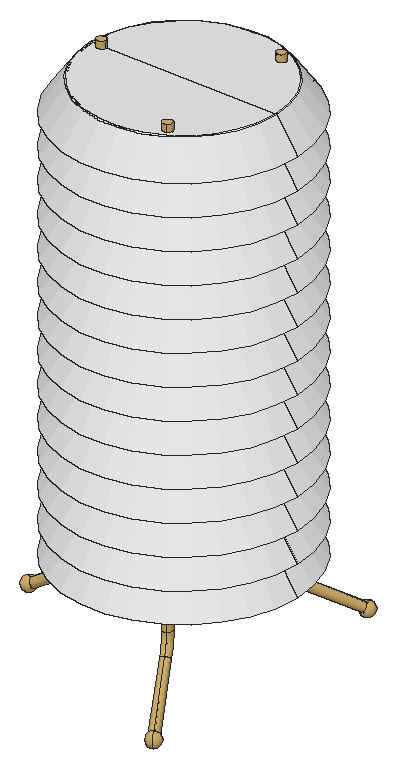
Revit family "Indoor_Table Lamp_Santa&Cole_Maija 15", category Luminarias, Revit 2018
Family settings
  Cota de conector redondo = Diámetro de uso
  Tipo de pieza = Normal
  Número OmniClass = 23.80.70.00
  Título OmniClass = Lighting
  Se basa en plano de trabajo = No
  Siempre vertical = Sí
  Corte con vacíos al cargar = No
  Origen de luz = Sí
  Compartido = No
  Punto de cálculo de habitación = No
Parameters (values of type "Maija 15 - White Matte Lampshade")
  Tilt Angle = 0.00°  # constant formula
  Wattage = 2.32931 W
  Technical Information = "https://www.santacole.com/recursos/productos/downloads/pdf_espec_tecnicas/SC_Maija-table%20lamp_data%20sheet.pdf"
  built-in parameter 1150110 = 1 (stored number, unit not read)
  URL = "https://www.santacole.com/en/catalogue/table-lamps/maija"
  Manufacturer website = "http://www.santacole.com"
  Lampshade Material = Santa&Cole - White Matte Finish
  built-in parameter 1114217 = 1 (stored number, unit not read)
  built-in parameter 1150109 = 1 (stored number, unit not read)
  Energy Label = "https://www.santacole.com/recursos/productos/downloads/pdf_energy_label/Energy%20Label_MAIJA_LED_no%20changed.pdf"
  Designed by = "Ilmari Tapiovaara. 1955"
  Contact phone = "+34.938.619.100"
  Contact e-mail = "info@santacole.com"
  built-in parameter 1150134 = (empty or 0)
  built-in parameter 1150113 = 1 (stored number, unit not read)
  Modelo = "Maija"
  Fabricante = "Santa & Cole"
  Lumens = 346 lm
  built-in parameter 1150115 = 1 (stored number, unit not read)
  built-in parameter 1150105 = 69.92 (stored number, unit not read)
  Load = 12 W
  built-in parameter 1150137 = (empty or 0)
  built-in parameter 1150139 = (empty or 0)
  built-in parameter 1150112 = 1 (stored number, unit not read)
  built-in parameter 1150114 = 1 (stored number, unit not read)
  Lamp = ""
  built-in parameter 1150132 = 2
  built-in parameter 1150102 = (empty or 0)
  built-in parameter 1150138 = (empty or 0)
  built-in parameter 1150107 = 2700 (stored number, unit not read)
  built-in parameter 1150106 = 0.6992 (stored number, unit not read)
  built-in parameter 1150104 = 13.8 (stored number, unit not read)
  Code = "MAI11L/MAI114L"
  Dimming Lamp Color Temperature Shift = (empty or 0)
  Color Filter = 16777215
  built-in parameter 1114218 = 1 (stored number, unit not read)
  Assembly instructions - UL = "https://www.santacole.com/recursos/productos/downloads/pdf_montaje/Maija%2015%20Table%20lamp_im_UL.pdf"
  Assembly instructions - CE = "https://www.santacole.com/recursos/productos/downloads/pdf_montaje/Maija%2015%20Table%20lamp_im_CE.pdf"
  Archivo de red fotométrica = "MAI11L.IES"
  built-in parameter 1150133 = 10 (stored number, unit not read)
  Apparent Load = 12 VA
Types (2, lengths in mm): name | Lampshade Material
  Maija 15 - White Matte Lampshade | Santa&Cole - White Matte Finish
  Maija 15 - Nude Rose Lampshade | Santa&Cole - Rose Matte Finish
Reference planes
  plane 1 "Light Source Axis (F/B)": y = 0
  plane 2: z = 0
  plane 3 "Light Source Axis (L/R)": x = 0
  plane 4 "Light Source Elevation": z = 267.246
Forms (mm)
  Revolve 1, solid, material "Santa & Cole - Matte Brass"
    sketch origin (0, 0, 0) x (1, 0, 0) y (0, 0, 1)
      loop
        line (-48.5, 75.246) -> (-48.5, 77.246) -> (-59.5, 77.246) -> (-59.5, 75.246) -> (-48.5, 75.246)
      axis (0, 75.246) -> (0, 77.246)
    angle from 0 to 360
  Revolve 2, solid, material "Santa&Cole - White Matte Finish" <- "Lampshade Material"
    sketch origin (0, 0, 0) x (1, 0, 0) y (0, 0, 1)
      loop
        line (-75, 317.646) -> (-74.023, 317.646) -> (-60.878, 336.42) -> (-60.059, 336.846) -> (0, 336.846) -> (0, 337.646) -> (-60.475, 337.646) -> (-61.294, 337.22) -> (-75, 317.646)
      loop
        line (-75, 297.646) -> (-74.023, 297.646) -> (-60.878, 316.42) -> (-60.059, 316.846) -> (-47, 316.846) -> (-47, 317.646) -> (-60.475, 317.646) -> (-61.294, 317.22) -> (-75, 297.646)
      loop
        line (-75, 277.646) -> (-74.023, 277.646) -> (-60.878, 296.42) -> (-60.059, 296.846) -> (-47, 296.846) -> (-47, 297.646) -> (-60.475, 297.646) -> (-61.294, 297.22) -> (-75, 277.646)
      loop
        line (-75, 257.646) -> (-74.023, 257.646) -> (-60.878, 276.42) -> (-60.059, 276.846) -> (-47, 276.846) -> (-47, 277.646) -> (-60.475, 277.646) -> (-61.294, 277.22) -> (-75, 257.646)
      loop
        line (-75, 237.646) -> (-74.023, 237.646) -> (-60.878, 256.42) -> (-60.059, 256.846) -> (-47, 256.846) -> (-47, 257.646) -> (-60.475, 257.646) -> (-61.294, 257.22) -> (-75, 237.646)
      loop
        line (-75, 217.646) -> (-74.023, 217.646) -> (-60.878, 236.42) -> (-60.059, 236.846) -> (-47, 236.846) -> (-47, 237.646) -> (-60.475, 237.646) -> (-61.294, 237.22) -> (-75, 217.646)
      loop
        line (-75, 197.646) -> (-74.023, 197.646) -> (-60.878, 216.42) -> (-60.059, 216.846) -> (-47, 216.846) -> (-47, 217.646) -> (-60.475, 217.646) -> (-61.294, 217.22) -> (-75, 197.646)
      loop
        line (-75, 177.646) -> (-74.023, 177.646) -> (-60.878, 196.42) -> (-60.059, 196.846) -> (-47, 196.846) -> (-47, 197.646) -> (-60.475, 197.646) -> (-61.294, 197.22) -> (-75, 177.646)
      loop
        line (-75, 157.646) -> (-74.023, 157.646) -> (-60.878, 176.42) -> (-60.059, 176.846) -> (-47, 176.846) -> (-47, 177.646) -> (-60.475, 177.646) -> (-61.294, 177.22) -> (-75, 157.646)
      loop
        line (-75, 137.646) -> (-74.023, 137.646) -> (-60.878, 156.42) -> (-60.059, 156.846) -> (-47, 156.846) -> (-47, 157.646) -> (-60.475, 157.646) -> (-61.294, 157.22) -> (-75, 137.646)
      loop
        line (-75, 117.646) -> (-74.023, 117.646) -> (-60.878, 136.42) -> (-60.059, 136.846) -> (-47, 136.846) -> (-47, 137.646) -> (-60.475, 137.646) -> (-61.294, 137.22) -> (-75, 117.646)
      loop
        line (-75, 97.646) -> (-74.023, 97.646) -> (-60.878, 116.42) -> (-60.059, 116.846) -> (-47, 116.846) -> (-47, 117.646) -> (-60.475, 117.646) -> (-61.294, 117.22) -> (-75, 97.646)
      loop
        line (-75, 77.646) -> (-74.023, 77.646) -> (-60.878, 96.42) -> (-60.059, 96.846) -> (-47, 96.846) -> (-47, 97.646) -> (-60.475, 97.646) -> (-61.294, 97.22) -> (-75, 77.646)
      loop
        line (-73.533, 58.746) -> (-60.878, 76.82) -> (-60.059, 77.246) -> (-47, 77.246) -> (-47, 78.046) -> (-60.475, 78.046) -> (-61.294, 77.62) -> (-75.07, 57.946) -> (0, 57.946) -> (0, 58.746) -> (-73.533, 58.746)
      axis (0, 337.646) -> (0, 57.946)
    angle from 0 to 360
  Sweep 3, solid, material "Santa & Cole - Matte Brass"
    path origin (0, 0, 0) x (1, 0, 0) y (0, 0, 1)
      loop
        line (-100.345, 5.218) -> (-61.521, 29.477)
        arc (-61.521, 29.477) -> (-56.006, 35.289) -> (-54, 43.046) r 16
        line (-54, 43.046) -> (-54, 341.646)
    profile origin (-80.933, 0, 17.347) x (-0.529919, 0, 0.848048) y (0, -1, 0)
      loop
        circle (0, 0) r 3
  Revolve 4, solid, material "Santa & Cole - Matte Brass"
    sketch origin (0, 0, 0) x (1, 0, 0) y (0, 0, 1)
      loop
        line (-101.493, 0) -> (-101.493, 9)
        arc (-101.493, 9) -> (-105.993, 4.5) -> (-101.493, 0) r 4.5
      axis (-101.493, 9) -> (-101.493, 0)
    angle from 0 to 360
  Sweep 5, solid, material "Santa & Cole - Matte Brass"
    path origin (0, 0, 0) x (-0.5, 0.866025, 0) y (0, 0, 1)
      loop
        line (-100.345, 5.218) -> (-61.521, 29.477)
        arc (-61.521, 29.477) -> (-56.006, 35.289) -> (-54, 43.046) r 16
        line (-54, 43.046) -> (-54, 341.646)
    profile origin (40.467, -70.09, 17.347) x (0.26496, -0.458924, 0.848048) y (0.866025, 0.5, 0)
      loop
        circle (0, 0) r 3
  Revolve 6, solid, material "Santa & Cole - Matte Brass"
    sketch origin (0, 0, 0) x (-0.5, 0.866025, 0) y (0, 0, 1)
      loop
        line (-101.493, 0) -> (-101.493, 9)
        arc (-101.493, 9) -> (-105.993, 4.5) -> (-101.493, 0) r 4.5
      axis (-101.493, 9) -> (-101.493, 0)
    angle from 0 to 360
  Sweep 7, solid, material "Santa & Cole - Matte Brass"
    path origin (0, 0, 0) x (-0.5, -0.866025, 0) y (0, 0, 1)
      loop
        line (-100.345, 5.218) -> (-61.521, 29.477)
        arc (-61.521, 29.477) -> (-56.006, 35.289) -> (-54, 43.046) r 16
        line (-54, 43.046) -> (-54, 341.646)
    profile origin (40.467, 70.09, 17.347) x (0.26496, 0.458924, 0.848048) y (-0.866025, 0.5, 0)
      loop
        circle (0, 0) r 3
  Revolve 8, solid, material "Santa & Cole - Matte Brass"
    sketch origin (0, 0, 0) x (-0.5, -0.866025, 0) y (0, 0, 1)
      loop
        line (-101.493, 0) -> (-101.493, 9)
        arc (-101.493, 9) -> (-105.993, 4.5) -> (-101.493, 0) r 4.5
      axis (-101.493, 9) -> (-101.493, 0)
    angle from 0 to 360
Lines and regions (mm)
  model lines, style "Predeterminado", not visible
    curve 1: line (573.345, 0, 153.657) -> (573.345, 0, 156.657)
    curve 2: line (789.345, 0, 156.657) -> (789.345, 0, 153.657)
    curve 3: line (554.345, 0, 153.657) -> (554.345, 0, 156.657)
    curve 4: line (557.745, 0, 153.657) -> (554.345, 0, 153.657)
    curve 5: line (573.345, 0, 153.657) -> (569.545, 0, 153.657)
    curve 6: line (789.345, 0, 153.657) -> (770.345, 0, 153.657)
    curve 7: line (770.345, 0, 156.657) -> (770.345, 0, 153.657)
    curve 8: line (551.982, 0, 51.231) -> (569.845, 0, 83.457)
    curve 9: line (557.845, 0, 83.457) -> (545.623, 0, 61.407)
    curve 10: line (569.845, 0, 153.657) -> (569.845, 0, 83.457)
    curve 11: line (557.845, 0, 83.457) -> (557.845, 0, 157.457)
    curve 12: line (475.584, 0, 17.643) -> (545.623, 0, 61.407)
    curve 13: line (551.982, 0, 51.231) -> (481.943, 0, 7.466)
    curve 14: line (475.584, 0, 17.643) -> (545.623, 0, 61.407)
    curve 15: line (551.982, 0, 51.231) -> (481.943, 0, 7.466)
    curve 16: line (557.845, 0, 83.457) -> (545.623, 0, 61.407)
    curve 17: line (551.982, 0, 51.231) -> (569.845, 0, 83.457)
    curve 18: line (557.845, 0, 83.457) -> (557.845, 0, 157.457)
    curve 19: line (481.943, 0, 7.466) -> (473.074, 0, 0)
    curve 20: line (473.074, 0, 18) -> (475.584, 0, 17.643)
    curve 21: line (464.074, 0, 9) -> (469.762, 0, 17.368)
    curve 22: line (469.762, 0, 0.632) -> (464.074, 0, 9)
    curve 23: line (481.943, 0, 7.466) -> (473.074, 0, 0)
    curve 24: line (473.074, 0, 18) -> (475.584, 0, 17.643)
    curve 25: line (464.074, 0, 9) -> (469.762, 0, 17.368)
    curve 26: line (469.762, 0, 0.632) -> (464.074, 0, 9)
    curve 27: line (598.819, 0, 120.395) -> (600.622, 0, 119.457)
    curve 28: line (693.845, 0, 119.457) -> (693.026, 0, 119.03)
    curve 29: line (658.311, 0, 108.109) -> (650.664, 0, 119.03)
    curve 30: line (658.311, 0, 108.109) -> (659.949, 0, 107.257)
    curve 31: line (598.819, 0, 120.395) -> (573.727, 0, 156.23)
    curve 32: line (769.963, 0, 156.23) -> (744.871, 0, 120.395)
    curve 33: line (676.945, 0, 107.257) -> (683.741, 0, 107.257)
    curve 34: line (659.949, 0, 107.257) -> (666.745, 0, 107.257)
    curve 35: line (683.741, 0, 107.257) -> (685.379, 0, 108.109)
    curve 36: line (693.026, 0, 119.03) -> (685.379, 0, 108.109)
    curve 37: line (650.664, 0, 119.03) -> (649.845, 0, 119.457)
    curve 38: line (693.845, 0, 119.457) -> (743.069, 0, 119.457)
    curve 39: line (600.622, 0, 119.457) -> (649.845, 0, 119.457)
    curve 40: line (743.069, 0, 119.457) -> (744.871, 0, 120.395)
    curve 41: line (554.345, 0, 156.657) -> (554.345, 0, 157.457)
    curve 42: line (789.345, 0, 157.457) -> (789.345, 0, 156.657)
    curve 43: line (569.845, 0, 197.057) -> (569.845, 0, 158.257)
    curve 44: line (557.845, 0, 158.257) -> (557.845, 0, 197.057)
    curve 45: line (721.845, 0, 672.257) -> (721.845, 0, 670.757)
    curve 46: line (621.845, 0, 670.757) -> (621.845, 0, 672.257)
    curve 47: line (549.81, 0, 672.257) -> (548.167, 0, 671.397)
    curve 48: line (521.569, 0, 633.057) -> (548.167, 0, 671.397)
    curve 49: line (795.942, 0, 672.197) -> (823.095, 0, 633.057)
    curve 50: line (795.942, 0, 672.197) -> (794.298, 0, 673.057)
    curve 51: line (549.392, 0, 673.057) -> (547.748, 0, 672.197)
    curve 52: line (520.595, 0, 633.057) -> (547.748, 0, 672.197)
    curve 53: line (822.121, 0, 633.057) -> (823.095, 0, 633.057)
    curve 54: line (520.595, 0, 633.057) -> (521.569, 0, 633.057)
    curve 55: line (795.523, 0, 671.397) -> (822.121, 0, 633.057)
    curve 56: line (795.523, 0, 671.397) -> (793.88, 0, 672.257)
    curve 57: line (765.845, 0, 673.057) -> (765.845, 0, 672.257)
    curve 58: line (765.845, 0, 672.257) -> (793.88, 0, 672.257)
    curve 59: line (569.095, 0, 672.257) -> (759.845, 0, 672.257)
    curve 60: line (549.81, 0, 672.257) -> (558.595, 0, 672.257)
    curve 61: line (558.595, 0, 673.057) -> (549.392, 0, 673.057)
    curve 62: line (759.845, 0, 673.057) -> (569.095, 0, 673.057)
    curve 63: line (794.298, 0, 673.057) -> (765.845, 0, 673.057)
    curve 64: line (759.845, 0, 673.057) -> (759.845, 0, 672.257)
    curve 65: line (621.845, 0, 162.257) -> (621.845, 0, 666.257)
    curve 66: line (721.845, 0, 666.257) -> (721.845, 0, 162.257)
    curve 67: line (621.845, 0, 665.757) -> (621.845, 0, 669.757)
    curve 68: line (721.845, 0, 669.757) -> (721.845, 0, 665.757)
    curve 69: line (564.445, 0, 682.048) -> (569.845, 0, 681.135)
    curve 70: line (569.845, 0, 681.135) -> (569.845, 0, 673.057)
    curve 71: line (557.845, 0, 681.135) -> (563.245, 0, 682.048)
    curve 72: line (563.245, 0, 682.048) -> (563.245, 0, 681.135)
    curve 73: line (557.845, 0, 681.135) -> (563.245, 0, 682.048)
    curve 74: line (557.845, 0, 673.057) -> (557.845, 0, 681.135)
    curve 75: line (564.445, 0, 681.135) -> (564.445, 0, 682.048)
    curve 76: line (564.445, 0, 682.048) -> (569.845, 0, 681.135)
    curve 77: line (668.345, 0, 103.257) -> (668.345, 0, 108.557)
    curve 78: line (675.345, 0, 108.557) -> (675.345, 0, 103.257)
    curve 79: line (795.942, 0, 157.397) -> (794.298, 0, 158.257)
    curve 80: line (795.942, 0, 157.397) -> (823.095, 0, 118.257)
    curve 81: line (521.569, 0, 118.257) -> (548.167, 0, 156.597)
    curve 82: line (549.81, 0, 157.457) -> (548.167, 0, 156.597)
    curve 83: line (681.845, 0, 157.457) -> (793.88, 0, 157.457)
    curve 84: line (569.095, 0, 157.457) -> (661.845, 0, 157.457)
    curve 85: line (549.81, 0, 157.457) -> (558.595, 0, 157.457)
    curve 86: line (795.523, 0, 156.597) -> (793.88, 0, 157.457)
    curve 87: line (795.523, 0, 156.597) -> (822.121, 0, 118.257)
    curve 88: line (822.121, 0, 118.257) -> (823.095, 0, 118.257)
    curve 89: line (520.595, 0, 118.257) -> (521.569, 0, 118.257)
    curve 90: line (520.595, 0, 118.257) -> (547.748, 0, 157.397)
    curve 91: line (549.392, 0, 158.257) -> (547.748, 0, 157.397)
    curve 92: line (521.569, 0, 157.857) -> (548.167, 0, 196.197)
    curve 93: line (549.81, 0, 197.057) -> (548.167, 0, 196.197)
    curve 94: line (795.942, 0, 196.997) -> (823.095, 0, 157.857)
    curve 95: line (795.942, 0, 196.997) -> (794.298, 0, 197.857)
    curve 96: line (549.392, 0, 197.857) -> (547.748, 0, 196.997)
    curve 97: line (520.595, 0, 157.857) -> (547.748, 0, 196.997)
    curve 98: line (822.121, 0, 157.857) -> (823.095, 0, 157.857)
    curve 99: line (520.595, 0, 157.857) -> (521.569, 0, 157.857)
    curve 100: line (765.845, 0, 197.057) -> (793.88, 0, 197.057)
    curve 101: line (569.095, 0, 197.057) -> (577.845, 0, 197.057)
    curve 102: line (549.81, 0, 197.057) -> (558.595, 0, 197.057)
    curve 103: line (795.523, 0, 196.197) -> (793.88, 0, 197.057)
    curve 104: line (795.523, 0, 196.197) -> (822.121, 0, 157.857)
    curve 105: line (521.569, 0, 197.457) -> (548.167, 0, 235.797)
    curve 106: line (549.81, 0, 236.657) -> (548.167, 0, 235.797)
    curve 107: line (795.942, 0, 236.597) -> (823.095, 0, 197.457)
    curve 108: line (520.595, 0, 197.457) -> (547.748, 0, 236.597)
    curve 109: line (822.121, 0, 197.457) -> (823.095, 0, 197.457)
    curve 110: line (520.595, 0, 197.457) -> (521.569, 0, 197.457)
    curve 111: line (765.845, 0, 236.657) -> (793.88, 0, 236.657)
    curve 112: line (569.095, 0, 236.657) -> (577.845, 0, 236.657)
    curve 113: line (549.81, 0, 236.657) -> (558.595, 0, 236.657)
    curve 114: line (795.523, 0, 235.797) -> (793.88, 0, 236.657)
    curve 115: line (795.523, 0, 235.797) -> (822.121, 0, 197.457)
    curve 116: line (521.569, 0, 237.057) -> (548.167, 0, 275.397)
    curve 117: line (549.81, 0, 276.257) -> (548.167, 0, 275.397)
    curve 118: line (577.845, 0, 276.257) -> (577.845, 0, 277.057)
    curve 119: line (795.942, 0, 276.197) -> (823.095, 0, 237.057)
    curve 120: line (795.942, 0, 276.197) -> (794.298, 0, 277.057)
    curve 121: line (549.392, 0, 277.057) -> (547.748, 0, 276.197)
    curve 122: line (520.595, 0, 237.057) -> (547.748, 0, 276.197)
    curve 123: line (822.121, 0, 237.057) -> (823.095, 0, 237.057)
    curve 124: line (520.595, 0, 237.057) -> (521.569, 0, 237.057)
    curve 125: line (765.845, 0, 277.057) -> (765.845, 0, 276.257)
    curve 126: line (765.845, 0, 276.257) -> (793.88, 0, 276.257)
    curve 127: line (569.095, 0, 276.257) -> (577.845, 0, 276.257)
    curve 128: line (549.81, 0, 276.257) -> (558.595, 0, 276.257)
    curve 129: line (795.523, 0, 275.397) -> (793.88, 0, 276.257)
    curve 130: line (795.523, 0, 275.397) -> (822.121, 0, 237.057)
    curve 131: line (521.569, 0, 276.657) -> (548.167, 0, 314.997)
    curve 132: line (549.81, 0, 315.857) -> (548.167, 0, 314.997)
    curve 133: line (577.845, 0, 315.857) -> (577.845, 0, 316.657)
    curve 134: line (795.942, 0, 315.797) -> (823.095, 0, 276.657)
    curve 135: line (520.595, 0, 276.657) -> (547.748, 0, 315.797)
    curve 136: line (822.121, 0, 276.657) -> (823.095, 0, 276.657)
    curve 137: line (520.595, 0, 276.657) -> (521.569, 0, 276.657)
    curve 138: line (765.845, 0, 316.657) -> (765.845, 0, 315.857)
    curve 139: line (765.845, 0, 315.857) -> (793.88, 0, 315.857)
    curve 140: line (569.095, 0, 315.857) -> (577.845, 0, 315.857)
    curve 141: line (549.81, 0, 315.857) -> (558.595, 0, 315.857)
    curve 142: line (795.523, 0, 314.997) -> (793.88, 0, 315.857)
    curve 143: line (795.523, 0, 314.997) -> (822.121, 0, 276.657)
    curve 144: line (521.569, 0, 316.257) -> (548.167, 0, 354.597)
    curve 145: line (549.81, 0, 355.457) -> (548.167, 0, 354.597)
    curve 146: line (795.942, 0, 355.397) -> (823.095, 0, 316.257)
    curve 147: line (795.942, 0, 355.397) -> (794.298, 0, 356.257)
    curve 148: line (549.392, 0, 356.257) -> (547.748, 0, 355.397)
    curve 149: line (520.595, 0, 316.257) -> (547.748, 0, 355.397)
    curve 150: line (822.121, 0, 316.257) -> (823.095, 0, 316.257)
    curve 151: line (520.595, 0, 316.257) -> (521.569, 0, 316.257)
    curve 152: line (765.845, 0, 355.457) -> (793.88, 0, 355.457)
    curve 153: line (569.095, 0, 355.457) -> (577.845, 0, 355.457)
    curve 154: line (549.81, 0, 355.457) -> (558.595, 0, 355.457)
    curve 155: line (795.523, 0, 354.597) -> (793.88, 0, 355.457)
    curve 156: line (795.523, 0, 354.597) -> (822.121, 0, 316.257)
    curve 157: line (521.569, 0, 355.857) -> (548.167, 0, 394.197)
    curve 158: line (549.81, 0, 395.057) -> (548.167, 0, 394.197)
    curve 159: line (577.845, 0, 395.057) -> (577.845, 0, 395.857)
    curve 160: line (795.942, 0, 394.997) -> (823.095, 0, 355.857)
    curve 161: line (795.942, 0, 394.997) -> (794.298, 0, 395.857)
    curve 162: line (549.392, 0, 395.857) -> (547.748, 0, 394.997)
    curve 163: line (520.595, 0, 355.857) -> (547.748, 0, 394.997)
    curve 164: line (822.121, 0, 355.857) -> (823.095, 0, 355.857)
    curve 165: line (520.595, 0, 355.857) -> (521.569, 0, 355.857)
    curve 166: line (765.845, 0, 395.857) -> (765.845, 0, 395.057)
    curve 167: line (765.845, 0, 395.057) -> (793.88, 0, 395.057)
    curve 168: line (569.095, 0, 395.057) -> (577.845, 0, 395.057)
    curve 169: line (549.81, 0, 395.057) -> (558.595, 0, 395.057)
    curve 170: line (795.523, 0, 394.197) -> (793.88, 0, 395.057)
    curve 171: line (795.523, 0, 394.197) -> (822.121, 0, 355.857)
    curve 172: line (521.569, 0, 395.457) -> (548.167, 0, 433.797)
    curve 173: line (549.81, 0, 434.657) -> (548.167, 0, 433.797)
    curve 174: line (795.942, 0, 434.597) -> (823.095, 0, 395.457)
    curve 175: line (795.942, 0, 434.597) -> (794.298, 0, 435.457)
    curve 176: line (549.392, 0, 435.457) -> (547.748, 0, 434.597)
    curve 177: line (520.595, 0, 395.457) -> (547.748, 0, 434.597)
    curve 178: line (822.121, 0, 395.457) -> (823.095, 0, 395.457)
    curve 179: line (520.595, 0, 395.457) -> (521.569, 0, 395.457)
    curve 180: line (765.845, 0, 434.657) -> (793.88, 0, 434.657)
    curve 181: line (569.095, 0, 434.657) -> (577.845, 0, 434.657)
    curve 182: line (549.81, 0, 434.657) -> (558.595, 0, 434.657)
    curve 183: line (795.523, 0, 433.797) -> (793.88, 0, 434.657)
    curve 184: line (795.523, 0, 433.797) -> (822.121, 0, 395.457)
    curve 185: line (521.569, 0, 435.057) -> (548.167, 0, 473.397)
    curve 186: line (549.81, 0, 474.257) -> (548.167, 0, 473.397)
    curve 187: line (577.845, 0, 474.257) -> (577.845, 0, 475.057)
    curve 188: line (795.942, 0, 474.197) -> (823.095, 0, 435.057)
    curve 189: line (795.942, 0, 474.197) -> (794.298, 0, 475.057)
    curve 190: line (549.392, 0, 475.057) -> (547.748, 0, 474.197)
    curve 191: line (520.595, 0, 435.057) -> (547.748, 0, 474.197)
    curve 192: line (822.121, 0, 435.057) -> (823.095, 0, 435.057)
    curve 193: line (520.595, 0, 435.057) -> (521.569, 0, 435.057)
    curve 194: line (765.845, 0, 475.057) -> (765.845, 0, 474.257)
    curve 195: line (765.845, 0, 474.257) -> (793.88, 0, 474.257)
    curve 196: line (569.095, 0, 474.257) -> (577.845, 0, 474.257)
    curve 197: line (549.81, 0, 474.257) -> (558.595, 0, 474.257)
    curve 198: line (795.523, 0, 473.397) -> (793.88, 0, 474.257)
    curve 199: line (795.523, 0, 473.397) -> (822.121, 0, 435.057)
    curve 200: line (521.569, 0, 474.657) -> (548.167, 0, 512.997)
    curve 201: line (549.81, 0, 513.857) -> (548.167, 0, 512.997)
    curve 202: line (795.942, 0, 513.797) -> (823.095, 0, 474.657)
    curve 203: line (795.942, 0, 513.797) -> (794.298, 0, 514.657)
    curve 204: line (549.392, 0, 514.657) -> (547.748, 0, 513.797)
    curve 205: line (520.595, 0, 474.657) -> (547.748, 0, 513.797)
    curve 206: line (822.121, 0, 474.657) -> (823.095, 0, 474.657)
    curve 207: line (520.595, 0, 474.657) -> (521.569, 0, 474.657)
    curve 208: line (765.845, 0, 513.857) -> (793.88, 0, 513.857)
    curve 209: line (569.095, 0, 513.857) -> (577.845, 0, 513.857)
    curve 210: line (549.81, 0, 513.857) -> (558.595, 0, 513.857)
    curve 211: line (795.523, 0, 512.997) -> (793.88, 0, 513.857)
    curve 212: line (795.523, 0, 512.997) -> (822.121, 0, 474.657)
    curve 213: line (521.569, 0, 514.257) -> (548.167, 0, 552.597)
    curve 214: line (549.81, 0, 553.457) -> (548.167, 0, 552.597)
    curve 215: line (795.942, 0, 553.397) -> (823.095, 0, 514.257)
    curve 216: line (795.942, 0, 553.397) -> (794.298, 0, 554.257)
    curve 217: line (558.595, 0, 554.257) -> (549.392, 0, 554.257)
    curve 218: line (577.845, 0, 554.257) -> (569.095, 0, 554.257)
    curve 219: line (794.298, 0, 554.257) -> (765.845, 0, 554.257)
    curve 220: line (549.392, 0, 554.257) -> (547.748, 0, 553.397)
    curve 221: line (520.595, 0, 514.257) -> (547.748, 0, 553.397)
    curve 222: line (822.121, 0, 514.257) -> (823.095, 0, 514.257)
    curve 223: line (520.595, 0, 514.257) -> (521.569, 0, 514.257)
    curve 224: line (765.845, 0, 553.457) -> (793.88, 0, 553.457)
    curve 225: line (569.095, 0, 553.457) -> (577.845, 0, 553.457)
    curve 226: line (549.81, 0, 553.457) -> (558.595, 0, 553.457)
    curve 227: line (795.523, 0, 552.597) -> (793.88, 0, 553.457)
    curve 228: line (795.523, 0, 552.597) -> (822.121, 0, 514.257)
    curve 229: line (521.569, 0, 553.857) -> (548.167, 0, 592.197)
    curve 230: line (549.81, 0, 593.057) -> (548.167, 0, 592.197)
    curve 231: line (577.845, 0, 593.057) -> (577.845, 0, 593.857)
    curve 232: line (795.942, 0, 592.997) -> (823.095, 0, 553.857)
    curve 233: line (520.595, 0, 553.857) -> (547.748, 0, 592.997)
    curve 234: line (822.121, 0, 553.857) -> (823.095, 0, 553.857)
    curve 235: line (520.595, 0, 553.857) -> (521.569, 0, 553.857)
    curve 236: line (558.595, 0, 593.857) -> (549.392, 0, 593.857)
    curve 237: line (577.845, 0, 593.857) -> (569.095, 0, 593.857)
    curve 238: line (794.298, 0, 593.857) -> (765.845, 0, 593.857)
    curve 239: line (765.845, 0, 593.857) -> (765.845, 0, 593.057)
    curve 240: line (765.845, 0, 593.057) -> (793.88, 0, 593.057)
    curve 241: line (569.095, 0, 593.057) -> (577.845, 0, 593.057)
    curve 242: line (549.81, 0, 593.057) -> (558.595, 0, 593.057)
    curve 243: line (795.523, 0, 592.197) -> (793.88, 0, 593.057)
    curve 244: line (795.523, 0, 592.197) -> (822.121, 0, 553.857)
    curve 245: line (521.569, 0, 593.457) -> (548.167, 0, 631.797)
    curve 246: line (549.81, 0, 632.657) -> (548.167, 0, 631.797)
    curve 247: line (577.845, 0, 632.657) -> (577.845, 0, 633.457)
    curve 248: line (795.942, 0, 632.597) -> (794.298, 0, 633.457)
    curve 249: line (795.942, 0, 632.597) -> (823.095, 0, 593.457)
    curve 250: line (822.121, 0, 593.457) -> (823.095, 0, 593.457)
    curve 251: line (520.595, 0, 593.457) -> (521.569, 0, 593.457)
    curve 252: line (520.595, 0, 593.457) -> (547.748, 0, 632.597)
    curve 253: line (549.392, 0, 633.457) -> (547.748, 0, 632.597)
    curve 254: line (558.595, 0, 633.457) -> (549.392, 0, 633.457)
    curve 255: line (577.845, 0, 633.457) -> (569.095, 0, 633.457)
    curve 256: line (794.298, 0, 633.457) -> (765.845, 0, 633.457)
    curve 257: line (765.845, 0, 633.457) -> (765.845, 0, 632.657)
    curve 258: line (765.845, 0, 632.657) -> (793.88, 0, 632.657)
    curve 259: line (569.095, 0, 632.657) -> (577.845, 0, 632.657)
    curve 260: line (549.81, 0, 632.657) -> (558.595, 0, 632.657)
    curve 261: line (795.523, 0, 631.797) -> (793.88, 0, 632.657)
    curve 262: line (795.523, 0, 631.797) -> (822.121, 0, 593.457)
    curve 263: line (678.345, 0, 102.257) -> (677.345, 0, 101.257)
    curve 264: line (668.345, 0, 101.257) -> (668.345, 0, 103.057)
    curve 265: line (678.345, 0, 107.257) -> (678.345, 0, 102.257)
    curve 266: line (665.345, 0, 102.257) -> (665.345, 0, 107.257)
    curve 267: line (675.345, 0, 103.057) -> (675.345, 0, 101.257)
    curve 268: line (675.345, 0, 101.257) -> (677.345, 0, 101.257)
    curve 269: line (666.345, 0, 101.257) -> (668.345, 0, 101.257)
    curve 270: line (666.345, 0, 101.257) -> (665.345, 0, 102.257)
    curve 271: line (569.845, 0, 236.657) -> (569.845, 0, 197.857)
    curve 272: line (557.845, 0, 197.857) -> (557.845, 0, 236.657)
    curve 273: line (569.845, 0, 276.257) -> (569.845, 0, 237.457)
    curve 274: line (557.845, 0, 237.457) -> (557.845, 0, 276.257)
    curve 275: line (569.845, 0, 315.857) -> (569.845, 0, 277.057)
    curve 276: line (557.845, 0, 277.057) -> (557.845, 0, 315.857)
    curve 277: line (569.845, 0, 355.457) -> (569.845, 0, 316.657)
    curve 278: line (557.845, 0, 316.657) -> (557.845, 0, 355.457)
    curve 279: line (569.845, 0, 395.057) -> (569.845, 0, 356.257)
    curve 280: line (557.845, 0, 356.257) -> (557.845, 0, 395.057)
    curve 281: line (569.845, 0, 434.657) -> (569.845, 0, 395.857)
    curve 282: line (557.845, 0, 395.857) -> (557.845, 0, 434.657)
    curve 283: line (569.845, 0, 474.257) -> (569.845, 0, 435.457)
    curve 284: line (557.845, 0, 435.457) -> (557.845, 0, 474.257)
    curve 285: line (569.845, 0, 513.857) -> (569.845, 0, 475.057)
    curve 286: line (557.845, 0, 475.057) -> (557.845, 0, 513.857)
    curve 287: line (569.845, 0, 553.457) -> (569.845, 0, 514.657)
    curve 288: line (557.845, 0, 514.657) -> (557.845, 0, 553.457)
    curve 289: line (569.845, 0, 593.057) -> (569.845, 0, 554.257)
    curve 290: line (557.845, 0, 554.257) -> (557.845, 0, 593.057)
    curve 291: line (569.845, 0, 632.657) -> (569.845, 0, 593.857)
    curve 292: line (557.845, 0, 593.857) -> (557.845, 0, 632.657)
    curve 293: line (569.845, 0, 672.257) -> (569.845, 0, 633.457)
    curve 294: line (557.845, 0, 633.457) -> (557.845, 0, 672.257)
    curve 295: line (564.445, 0, 681.135) -> (563.245, 0, 681.135)
Dimensions and locks
  aligned and locked: plane 1 "Light Source Axis (F/B)" to imposter light
  aligned and locked: level to plane 2
Nested families
  nested 1: "Bulb" at (0.237, -180, -7.5), type "Bulb"
  nested 2: "Bulb" at (0.237, -180, 72.5), type "Bulb"
Definition of nested family "Bulb"
  Parameters (values of type "Bulb")
    Wattage = 2.32931 W
    Technical Information = ""
    Light Source Symbol Size = 100 mm
    built-in parameter 1150110 = 1 (stored number, unit not read)
    URL = ""
    Manufacturer website = ""
    Lamp Material = none
    built-in parameter 1114217 = 1 (stored number, unit not read)
    built-in parameter 1150109 = 1 (stored number, unit not read)
    Energy Label = ""
    Default Elevation = 1219.2 mm
    Designed by = ""
    Contact phone = ""
    Contact e-mail = ""
    built-in parameter 1150134 = (empty or 0)
    built-in parameter 1150113 = 1 (stored number, unit not read)
    Model = ""
    Manufacturer = ""
    Lumens = 346 lm
    built-in parameter 1150115 = 1 (stored number, unit not read)
    built-in parameter 1150105 = 27.534 (stored number, unit not read)
    Load = 17 W
    built-in parameter 1150137 = (empty or 0)
    built-in parameter 1150139 = (empty or 0)
    built-in parameter 1150112 = 1 (stored number, unit not read)
    built-in parameter 1150114 = 1 (stored number, unit not read)
    Lamp = ""
    built-in parameter 1150132 = 2
    built-in parameter 1150102 = (empty or 0)
    built-in parameter 1150138 = (empty or 0)
    built-in parameter 1150107 = 2700 (stored number, unit not read)
    built-in parameter 1150106 = 0.27534 (stored number, unit not read)
    built-in parameter 1150104 = 13.8 (stored number, unit not read)
    Code = ""
    Dimming Lamp Color Temperature Shift = (empty or 0)
    Color Filter = 16777215
    built-in parameter 1114218 = 1 (stored number, unit not read)
    Assembly instructions - UL = ""
    Assembly instructions - CE = ""
    built-in parameter 1150133 = 10 (stored number, unit not read)
    Apparent Load = 17 VA
  Reference planes
    plane 1 "Light Source Axis (F/B)": y = 0
    plane 2: z = 0
    plane 3 "Light Source Axis (L/R)": x = 0
    plane 4 "Light Source Elevation": z = 212.554
  Lines and regions (mm)
    model lines, not visible
      curve 1: line (0, -3.75, 375) -> (0, 3.75, 375)
      curve 2: line (0, 3.75, 375) -> (0, -3.75, 375)
      curve 3: line (0, 15, 86.75) -> (0, -15, 86.75)
      curve 4: line (0, -10, 65) -> (0, -15, 82.176)
      curve 5: line (0, -10, 25) -> (0, -10, 65)
      curve 6: line (0, 6.344, 17.27) -> (0, 10, 25)
      curve 7: line (0, -1.951, 15.192) -> (0, 6.344, 17.27)
      curve 8: line (0, -10, 25) -> (0, -1.951, 15.192)
      curve 9: line (0, 10, 25) -> (0, 10, 65)
      curve 10: line (0, 15, 82.176) -> (0, 10, 65)
      curve 11: line (0, 15, 86.75) -> (0, -15, 86.75)
  Dimensions and locks
    aligned and locked: plane 3 "Light Source Axis (L/R)" to imposter light
    aligned and locked: plane 4 "Light Source Elevation" to imposter light
    aligned and locked: level to plane 2
